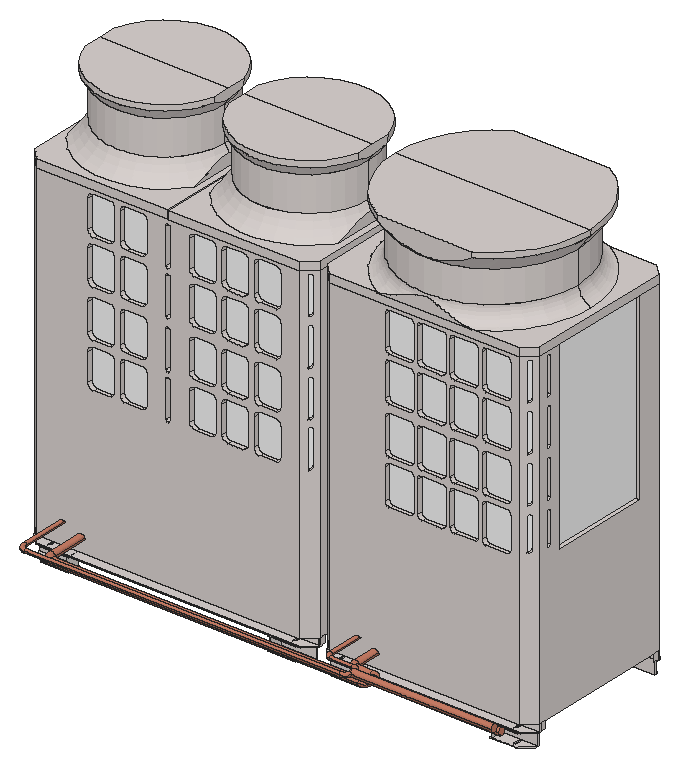
Revit family "PURY-EP650YSNW-A1", category 機械設備, Revit 2016 (continued)
Definition of nested family "PURY-EP350YNW-A1"
  Lines and regions (mm)
    model lines
      curve 105: circle (413, -370, 185) r 13.5 normal (0, -1, 0)
      curve 106: line (352, -370, 223) -> (550, -370, 223)
      curve 107: line (342, -370, 213) -> (342, -370, 95)
      curve 108: arc (342, -370, 213) -> (344.929, -370, 220.071) -> (352, -370, 223) r 10
      curve 109: line (-147.25, 370, 479) -> (-427.25, 370, 479)
      curve 110: line (-427.25, 370, 459) -> (-147.25, 370, 459)
      curve 111: arc (-137.25, 370, 469) -> (-140.179, 370, 476.071) -> (-147.25, 370, 479) r 10
      curve 112: arc (-147.25, 370, 459) -> (-140.179, 370, 461.929) -> (-137.25, 370, 469) r 10
      curve 113: arc (-427.25, 370, 479) -> (-434.321, 370, 476.071) -> (-437.25, 370, 469) r 10
      curve 114: arc (-437.25, 370, 469) -> (-434.321, 370, 461.929) -> (-427.25, 370, 459) r 10
      curve 115: line (-147.25, 370, 374) -> (-427.25, 370, 374)
      curve 116: line (-427.25, 370, 354) -> (-147.25, 370, 354)
      curve 117: arc (-137.25, 370, 364) -> (-140.179, 370, 371.071) -> (-147.25, 370, 374) r 10
      curve 118: arc (-147.25, 370, 354) -> (-140.179, 370, 356.929) -> (-137.25, 370, 364) r 10
      curve 119: arc (-427.25, 370, 374) -> (-434.321, 370, 371.071) -> (-437.25, 370, 364) r 10
      curve 120: arc (-437.25, 370, 364) -> (-434.321, 370, 356.929) -> (-427.25, 370, 354) r 10
      curve 121: line (-147.25, 370, 269) -> (-427.25, 370, 269)
      curve 122: line (-427.25, 370, 249) -> (-147.25, 370, 249)
      curve 123: arc (-137.25, 370, 259) -> (-140.179, 370, 266.071) -> (-147.25, 370, 269) r 10
      curve 124: arc (-147.25, 370, 249) -> (-140.179, 370, 251.929) -> (-137.25, 370, 259) r 10
      curve 125: arc (-427.25, 370, 269) -> (-434.321, 370, 266.071) -> (-437.25, 370, 259) r 10
      curve 126: arc (-437.25, 370, 259) -> (-434.321, 370, 251.929) -> (-427.25, 370, 249) r 10
      curve 127: line (399.5, 370, 584) -> (119.5, 370, 584)
      curve 128: line (119.5, 370, 564) -> (399.5, 370, 564)
      curve 129: arc (409.5, 370, 574) -> (406.571, 370, 581.071) -> (399.5, 370, 584) r 10
      curve 130: arc (399.5, 370, 564) -> (406.571, 370, 566.929) -> (409.5, 370, 574) r 10
      curve 131: arc (119.5, 370, 584) -> (112.429, 370, 581.071) -> (109.5, 370, 574) r 10
      curve 132: arc (109.5, 370, 574) -> (112.429, 370, 566.929) -> (119.5, 370, 564) r 10
      curve 133: line (399.5, 370, 479) -> (119.5, 370, 479)
      curve 134: line (119.5, 370, 459) -> (399.5, 370, 459)
      curve 135: arc (409.5, 370, 469) -> (406.571, 370, 476.071) -> (399.5, 370, 479) r 10
      curve 136: arc (399.5, 370, 459) -> (406.571, 370, 461.929) -> (409.5, 370, 469) r 10
      curve 137: arc (119.5, 370, 479) -> (112.429, 370, 476.071) -> (109.5, 370, 469) r 10
      curve 138: arc (109.5, 370, 469) -> (112.429, 370, 461.929) -> (119.5, 370, 459) r 10
      curve 139: line (399.5, 370, 374) -> (119.5, 370, 374)
      curve 140: line (119.5, 370, 354) -> (399.5, 370, 354)
      curve 141: arc (409.5, 370, 364) -> (406.571, 370, 371.071) -> (399.5, 370, 374) r 10
      curve 142: arc (399.5, 370, 354) -> (406.571, 370, 356.929) -> (409.5, 370, 364) r 10
      curve 143: arc (119.5, 370, 374) -> (112.429, 370, 371.071) -> (109.5, 370, 364) r 10
      curve 144: arc (109.5, 370, 364) -> (112.429, 370, 356.929) -> (119.5, 370, 354) r 10
      curve 145: line (399.5, 370, 269) -> (119.5, 370, 269)
      curve 146: line (119.5, 370, 249) -> (399.5, 370, 249)
      curve 147: arc (409.5, 370, 259) -> (406.571, 370, 266.071) -> (399.5, 370, 269) r 10
      curve 148: arc (399.5, 370, 249) -> (406.571, 370, 251.929) -> (409.5, 370, 259) r 10
      curve 149: arc (119.5, 370, 269) -> (112.429, 370, 266.071) -> (109.5, 370, 259) r 10
      curve 150: arc (109.5, 370, 259) -> (112.429, 370, 251.929) -> (119.5, 370, 249) r 10
      curve 151: line (399.5, -370, 584) -> (119.5, -370, 584)
      curve 152: line (119.5, -370, 564) -> (399.5, -370, 564)
      curve 153: arc (409.5, -370, 574) -> (406.571, -370, 581.071) -> (399.5, -370, 584) r 10
      curve 154: arc (399.5, -370, 564) -> (406.571, -370, 566.929) -> (409.5, -370, 574) r 10
      curve 155: arc (119.5, -370, 584) -> (112.429, -370, 581.071) -> (109.5, -370, 574) r 10
      curve 156: arc (109.5, -370, 574) -> (112.429, -370, 566.929) -> (119.5, -370, 564) r 10
      curve 157: line (399.5, -370, 479) -> (119.5, -370, 479)
      curve 158: line (119.5, -370, 459) -> (399.5, -370, 459)
      curve 159: arc (409.5, -370, 469) -> (406.571, -370, 476.071) -> (399.5, -370, 479) r 10
      curve 160: arc (399.5, -370, 459) -> (406.571, -370, 461.929) -> (409.5, -370, 469) r 10
      curve 161: arc (119.5, -370, 479) -> (112.429, -370, 476.071) -> (109.5, -370, 469) r 10
      curve 162: arc (109.5, -370, 469) -> (112.429, -370, 461.929) -> (119.5, -370, 459) r 10
      curve 163: line (399.5, -370, 374) -> (119.5, -370, 374)
      curve 164: line (119.5, -370, 354) -> (399.5, -370, 354)
      curve 165: arc (409.5, -370, 364) -> (406.571, -370, 371.071) -> (399.5, -370, 374) r 10
      curve 166: arc (399.5, -370, 354) -> (406.571, -370, 356.929) -> (409.5, -370, 364) r 10
      curve 167: arc (119.5, -370, 374) -> (112.429, -370, 371.071) -> (109.5, -370, 364) r 10
      curve 168: arc (109.5, -370, 364) -> (112.429, -370, 356.929) -> (119.5, -370, 354) r 10
      curve 169: arc (119.5, -370, 269) -> (112.429, -370, 266.071) -> (109.5, -370, 259) r 10
      curve 170: arc (109.5, -370, 259) -> (112.429, -370, 251.929) -> (119.5, -370, 249) r 10
      curve 171: line (-147.25, -370, 584) -> (-427.25, -370, 584)
      curve 172: line (-427.25, -370, 564) -> (-147.25, -370, 564)
      curve 173: arc (-137.25, -370, 574) -> (-140.179, -370, 581.071) -> (-147.25, -370, 584) r 10
      curve 174: arc (-147.25, -370, 564) -> (-140.179, -370, 566.929) -> (-137.25, -370, 574) r 10
      curve 175: arc (-427.25, -370, 584) -> (-434.321, -370, 581.071) -> (-437.25, -370, 574) r 10
      curve 176: arc (-437.25, -370, 574) -> (-434.321, -370, 566.929) -> (-427.25, -370, 564) r 10
      curve 177: line (-147.25, -370, 479) -> (-427.25, -370, 479)
      curve 178: line (-427.25, -370, 459) -> (-147.25, -370, 459)
      curve 179: arc (-137.25, -370, 469) -> (-140.179, -370, 476.071) -> (-147.25, -370, 479) r 10
      curve 180: arc (-147.25, -370, 459) -> (-140.179, -370, 461.929) -> (-137.25, -370, 469) r 10
      curve 181: arc (-427.25, -370, 479) -> (-434.321, -370, 476.071) -> (-437.25, -370, 469) r 10
      curve 182: arc (-437.25, -370, 469) -> (-434.321, -370, 461.929) -> (-427.25, -370, 459) r 10
      curve 183: line (-147.25, -370, 374) -> (-427.25, -370, 374)
      curve 184: line (-427.25, -370, 354) -> (-147.25, -370, 354)
      curve 185: arc (-137.25, -370, 364) -> (-140.179, -370, 371.071) -> (-147.25, -370, 374) r 10
      curve 186: arc (-147.25, -370, 354) -> (-140.179, -370, 356.929) -> (-137.25, -370, 364) r 10
      curve 187: arc (-427.25, -370, 374) -> (-434.321, -370, 371.071) -> (-437.25, -370, 364) r 10
      curve 188: arc (-437.25, -370, 364) -> (-434.321, -370, 356.929) -> (-427.25, -370, 354) r 10
      curve 189: line (-147.25, -370, 269) -> (-262.25, -370, 269)
      curve 190: line (-262.25, -370, 249) -> (-147.25, -370, 249)
      curve 191: arc (-137.25, -370, 259) -> (-140.179, -370, 266.071) -> (-147.25, -370, 269) r 10
      curve 192: arc (-147.25, -370, 249) -> (-140.179, -370, 251.929) -> (-137.25, -370, 259) r 10
      curve 193: arc (-262.25, -370, 269) -> (-269.321, -370, 266.071) -> (-272.25, -370, 259) r 10
      curve 194: arc (-272.25, -370, 259) -> (-269.321, -370, 251.929) -> (-262.25, -370, 249) r 10
      curve 195: line (234.5, -370, 269) -> (119.5, -370, 269)
      curve 196: line (119.5, -370, 249) -> (234.5, -370, 249)
      curve 197: arc (244.5, -370, 259) -> (241.571, -370, 266.071) -> (234.5, -370, 269) r 10
      curve 198: arc (234.5, -370, 249) -> (241.571, -370, 251.929) -> (244.5, -370, 259) r 10
  Dimensions and locks
    nested 2 to nested 2 = 303.000 mm
    cut or joined group 1 (Extrusion 1, Extrusion 2, Extrusion 3, Extrusion 4, Extrusion 5, Extrusion 6, Extrusion 7, Extrusion 8, Extrusion 9, Extrusion 10, Extrusion 11, Extrusion 12, Extrusion 13, Extrusion 14, Extrusion 15, Extrusion 16, Extrusion 17, Extrusion 18, Extrusion 19, Extrusion 20, Extrusion 21, Extrusion 22, Extrusion 23, Extrusion 24, Extrusion 25, Extrusion 26, Extrusion 27, Extrusion 28, Extrusion 29, Extrusion 30, Extrusion 31, Extrusion 32, Extrusion 33) to cut or joined group 1 = 1240.000 mm
    Extrusion 2 sketch curve to Extrusion 2 sketch curve = 116.800 mm
    Extrusion 2 sketch curve to Extrusion 2 sketch curve = 170.800 mm
    Extrusion 3 sketch curve to Extrusion 3 sketch curve = 116.800 mm
    Extrusion 3 sketch curve to Extrusion 3 sketch curve = 170.800 mm
    Extrusion 4 sketch curve to Extrusion 4 sketch curve = 116.800 mm
    Extrusion 4 sketch curve to Extrusion 4 sketch curve = 170.800 mm
    Extrusion 5 sketch curve to Extrusion 5 sketch curve = 116.800 mm
    Extrusion 5 sketch curve to Extrusion 5 sketch curve = 170.800 mm
    Extrusion 6 sketch curve to Extrusion 6 sketch curve = 116.800 mm
    Extrusion 6 sketch curve to Extrusion 6 sketch curve = 170.800 mm
    Extrusion 7 sketch curve to Extrusion 7 sketch curve = 116.800 mm
    Extrusion 7 sketch curve to Extrusion 7 sketch curve = 170.800 mm
    Extrusion 8 sketch curve to Extrusion 8 sketch curve = 116.800 mm
    Extrusion 8 sketch curve to Extrusion 8 sketch curve = 170.800 mm
    Extrusion 9 sketch curve to Extrusion 9 sketch curve = 116.800 mm
    Extrusion 9 sketch curve to Extrusion 9 sketch curve = 170.800 mm
    cut or joined group 1 to cut or joined group 1 = 50.000 mm  (x2)
    Extrusion 10 sketch curve to Extrusion 10 sketch curve = 116.800 mm
    Extrusion 10 sketch curve to Extrusion 10 sketch curve = 170.800 mm
    Extrusion 11 sketch curve to Extrusion 11 sketch curve = 116.800 mm
    Extrusion 11 sketch curve to Extrusion 11 sketch curve = 170.800 mm
    Extrusion 12 sketch curve to Extrusion 12 sketch curve = 116.800 mm
    Extrusion 12 sketch curve to Extrusion 12 sketch curve = 170.800 mm
    Extrusion 13 sketch curve to Extrusion 13 sketch curve = 116.800 mm
    Extrusion 13 sketch curve to Extrusion 13 sketch curve = 170.800 mm
    Extrusion 14 sketch curve to Extrusion 14 sketch curve = 116.800 mm
    Extrusion 14 sketch curve to Extrusion 14 sketch curve = 170.800 mm
    Extrusion 15 sketch curve to Extrusion 15 sketch curve = 116.800 mm
    Extrusion 15 sketch curve to Extrusion 15 sketch curve = 170.800 mm
    Extrusion 16 sketch curve to Extrusion 16 sketch curve = 116.800 mm
    Extrusion 16 sketch curve to Extrusion 16 sketch curve = 170.800 mm
    Extrusion 17 sketch curve to Extrusion 17 sketch curve = 116.800 mm
    Extrusion 17 sketch curve to Extrusion 17 sketch curve = 170.800 mm
    Extrusion 18 sketch curve to Extrusion 18 sketch curve = 116.800 mm
    Extrusion 18 sketch curve to Extrusion 18 sketch curve = 170.800 mm
    Extrusion 19 sketch curve to Extrusion 19 sketch curve = 116.800 mm
    Extrusion 19 sketch curve to Extrusion 19 sketch curve = 170.800 mm
    Extrusion 20 sketch curve to Extrusion 20 sketch curve = 116.800 mm
    Extrusion 20 sketch curve to Extrusion 20 sketch curve = 170.800 mm
    Extrusion 21 sketch curve to Extrusion 21 sketch curve = 116.800 mm
    Extrusion 21 sketch curve to Extrusion 21 sketch curve = 170.800 mm
    plane 3 "Center (Left/Right)" to cut or joined group 1 = 620.000 mm
    cut or joined group 1 to plane 3 "Center (Left/Right)" = 620.000 mm
    Extrusion 1 sketch curve to Extrusion 1 sketch curve = 1240.000 mm
    cut or joined group 1 to plane 8 = 185.000 mm
    cut or joined group 1 to plane 7 = 166.000 mm
    cut or joined group 1 to plane 6 = 110.000 mm
    cut or joined group 1 to plane 12 to cut or joined group 1 = 805.000 mm, 621.000 mm
    plane 5 to plane 2 = 1858.000 mm  (x2)
    cut or joined group 1 to plane 19 "132" = 132.000 mm
    cut or joined group 1 to plane 22 = 207.000 mm
    cut or joined group 1 to plane 23 = 256.000 mm
    cut or joined group 1 to plane 6 = 60.000 mm
    cut or joined group 1 to cut or joined group 1 = 42.154 mm
    cut or joined group 1 to cut or joined group 1 = 11.895 mm
    nested 1 to nested 3 to level = 1798.000 mm, 60.000 mm
    nested 1 to nested 1 = 303.000 mm
    nested 1 to nested 3 = 1495.000 mm
    nested 8 to nested 8 to nested 8 to nested 7 to nested 7 to nested 7 = 54.000 mm, 20.000 mm, 592.000 mm, 20.000 mm, 54.000 mm
    nested 3 to nested 3 = 56.000 mm
    plane 11 to plane 31 to plane 32 to cut or joined group 1 = 90.000 mm, 1060.000 mm, 90.000 mm
    curve 103 to nested 7 = 90.000 mm
    curve 104 to nested 7 = 125.000 mm
    curve 101 to nested 7 = 100.000 mm
    curve 11 to curve 13 to nested 7 = 84.000 mm, 71.000 mm
    cut or joined group 1 to curve 12 to curve 14 = 125.000 mm, 148.000 mm
    nested 2 to nested 7 = 1495.000 mm
    curve 87 to cut or joined group 1 = 152.000 mm
    curve 88 to cut or joined group 1 = 172.000 mm
    curve 89 to cut or joined group 1 = 216.000 mm
    cut or joined group 1 to curve 4 to curve 2 = 128.000 mm, 150.000 mm
    cut or joined group 1 to curve 1 to curve 3 = 79.000 mm, 94.000 mm
    Extrusion 32 sketch curve to nested 7 = 116.000 mm
    cut or joined group 1 to Extrusion 32 sketch curve = 160.000 mm
    cut or joined group 1 to Extrusion 33 sketch curve = 243.000 mm
    Extrusion 33 sketch curve to nested 7 = 116.000 mm
    aligned and locked: level to plane 2
    aligned and locked: Extrusion 1 to plane 4
  Nested families
    nested 1: "FAN GUARD" at (-311.5, 2, 860), type "FAN GUARD"
      with WIDTH 870.000 mm
    nested 2: "FAN GUARD" at (311.5, 2, 860) x (-1, 0, 0) z (0, 0, 1), type "FAN GUARD"
      with WIDTH 870.000 mm
    nested 3: "ATTACHMENT LEG" at (-524, -349, 0), type "ATTACHMENT LEG"
    nested 4: "ATTACHMENT LEG" at (-524, 349, 0), type "ATTACHMENT LEG"
    nested 5: "ATTACHMENT LEG" at (524, -349, 0) x (-1, 0, 0) z (0, 0, 1), type "ATTACHMENT LEG"
    nested 6: "ATTACHMENT LEG" at (524, 349, 0) x (-1, 0, 0) z (0, 0, 1), type "ATTACHMENT LEG"
    nested 7: "BASE LEG_L_" at (0, -352, 60), type "BASE LEG_L_"
      with Width 1240.000 mm
    nested 8: "BASE LEG_L_" at (0, 352, 60), type "BASE LEG_L_"
      with Width 1240.000 mm
  Connectors
    piping at (-460, -191, 176), diameter 25.4, driven by "Liquid pipe_radius"
      settings: on cut or joined group 1, index 3, connector inside diameter 25.4 mm, connector length 0.000 mm, flow factor 0, pipe flow 0.0 L/s, pressure drop 0.0 Pa, fitting loss kfactor 0, connector angle 0.00°, fixture units 0, engagement length 0.000 mm, angle of deflection 0.00°, flow configuration 0, flow direction 0, fitting loss method 0, system type 22, joint type 0, gender type 0, connector reference index -1, connector utility 0, adjustable connector no, is connector primary yes, connector description "Refrigerant service valve<Liquid pipe>"
    piping at (-377, -191, 176), diameter 28.58, driven by "Gas pipe_radius"
      settings: on cut or joined group 1, index 4, connector inside diameter 28.58 mm, connector length 0.000 mm, flow factor 0, pipe flow 0.0 L/s, pressure drop 0.0 Pa, fitting loss kfactor 0, connector angle 0.00°, fixture units 0, engagement length 0.000 mm, angle of deflection 0.00°, flow configuration 0, flow direction 0, fitting loss method 0, system type 22, joint type 0, gender type 0, connector reference index -1, connector utility 0, adjustable connector no, is connector primary no, connector description "Refrigerant service valve<Gas>"
    electrical at (0, -370, 808)
      settings: on cut or joined group 1, index 5, voltage 0 V, apparent load 0 VA, apparent load phase1 0 VA, apparent load phase2 0 VA, apparent load phase3 0 VA, power factor 1, load classification none, number of poles 1, system type 30, power factor state 1, is connector primary yes, connector utility no, sub classification motor no, connector description ""
  Definition of nested family "FAN GUARD"
    Parameters
      WIDTH [instance] = 870.000 mm
    Reference planes
      plane 1 "中心(正面/背面)": y = -2
      plane 2: z = 0
      plane 3 "ファンガード基準面": z = 661
      plane 4: y = 368
      plane 5: x = 366
      plane 6: x = -375
      plane 7 "ファンガード基準上面": z = 695
      plane 8 "ファンガード上面": z = 998
      plane 9: x = -273.971
      plane 10: x = 308.5
      plane 11: x = -308.5
      plane 12: x = 0
    Forms (mm)
      Extrusion 1, solid
        sketch origin (85, 0, 661) x (-1, 0, 0) y (0, -1, 0)
          loop
            line (343.5, -368) -> (393.5, -318) -> (393.5, 322) -> (343.5, 372) -> (-223.5, 372) -> (-223.5, -368) -> (343.5, -368)
        from 0 to 34
      Revolve 2, solid
        sketch origin (0, -2, 0) x (1, 0, 0) y (0, 0, 1)
          loop
            line (0, 695) -> (0, 998) -> (-290, 998) -> (-290, 972.327) -> (-260, 928.372) -> (-260, 777.384)
            arc (-260, 777.384) -> (-290.651, 730.137) -> (-334.665, 695) r 175.882
            line (-334.665, 695) -> (0, 695)
          axis (0, 998) -> (0, 695)
        angle from 0 to 360
      Extrusion 3, void
        sketch origin (-840, 75, 695) x (-1, 0, 0) y (0, -1, 0)
          loop
            line (-410, -165) -> (-410, 315) -> (-561.253, 315) -> (-561.253, -165) -> (-410, -165)
        from -35 to 430.592
      Extrusion 4, void
        sketch origin (840, 75, 695) x (1, 0, 0) y (0, 1, 0)
          loop
            line (-410, 165) -> (-561.253, 165) -> (-561.253, -315) -> (-410, -315) -> (-410, 165)
        from 0 to 430.592
    Cuts and joins
      Extrusion 3, Extrusion 4 cuts Revolve 2
      Extrusion 4 cuts Extrusion 1
    Lines and regions (mm)
      model lines
        curve 1: line (-278.747, 0, 998) -> (-80, 0, 998)
        curve 2: line (80, 0, 998) -> (278.747, 0, 998)
        curve 3: circle (0, 0, 998) r 80 normal (0, 0, 1)
        curve 4: line (-278.747, -80, 998) -> (278.747, -80, 998)
        curve 5: line (-241.868, -160, 998) -> (241.868, -160, 998)
        curve 6: line (-162.788, -240, 998) -> (162.788, -240, 998)
        curve 7: line (-278.747, 80, 998) -> (278.747, 80, 998)
        curve 8: line (-241.868, 160, 998) -> (240, 160, 998)
        curve 9: line (-160, 240, 998) -> (162.788, 240, 998)
        curve 10: line (0, 290, 998) -> (0, -290, 998)
        curve 11: line (-20, 289.31, 998) -> (-20, -289.31, 998)
        curve 12: line (-40, 287.228, 998) -> (-40, -287.228, 998)
        curve 13: line (-60, 283.725, 998) -> (-60, -283.725, 998)
        curve 14: line (-80, 278.747, 998) -> (-80, -278.747, 998)
        curve 15: line (20, 289.31, 998) -> (20, -289.31, 998)
        curve 16: line (40, 287.228, 998) -> (40, -287.228, 998)
        curve 17: line (60, 283.725, 998) -> (60, -283.725, 998)
        curve 18: line (80, 278.747, 998) -> (80, -278.747, 998)
        curve 19: line (100, 272.213, 998) -> (100, -272.213, 998)
        curve 20: line (120, 264.008, 998) -> (120, -264.008, 998)
        curve 21: line (140, 253.969, 998) -> (140, -253.969, 998)
        curve 22: line (160, 241.868, 998) -> (160, -243.132, 998)
        curve 23: line (180, 227.376, 998) -> (180, -227.624, 998)
        curve 24: line (200, 210, 998) -> (200, -210, 998)
        curve 25: line (220, 188.944, 998) -> (220, -188.944, 998)
        curve 26: line (240, 160, 998) -> (240, -162.788, 998)
        curve 27: line (260, 128.452, 998) -> (260, -128.452, 998)
        curve 28: line (-100, 272.213, 998) -> (-100, -272.213, 998)
        curve 29: line (-120, 264.008, 998) -> (-120, -264.008, 998)
        curve 30: line (-140, 253.969, 998) -> (-140, -253.969, 998)
        curve 31: line (-160, 240, 998) -> (-160, -241.868, 998)
        curve 32: line (-180, 227.376, 998) -> (-180, -227.376, 998)
        curve 33: line (-200, 210, 998) -> (-200, -210, 998)
        curve 34: line (-220, 188.944, 998) -> (-220, -188.944, 998)
        curve 35: line (-240, 162.788, 998) -> (-240, -162.788, 998)
        curve 36: line (-260, 128.452, 998) -> (-260, -128.452, 998)
        curve 37: line (10, 79.373, 998) -> (10, -79.373, 998)
        curve 38: line (-10, 79.373, 998) -> (-10, -79.373, 998)
        curve 39: line (30, 74.162, 998) -> (30, -74.162, 998)
        curve 40: line (50, 62.45, 998) -> (50, -62.45, 998)
        curve 41: line (70, 38.73, 998) -> (70, -38.73, 998)
        curve 42: line (-30, 74.162, 998) -> (-30, -74.162, 998)
        curve 43: line (-50, 62.45, 998) -> (-50, -62.45, 998)
        curve 44: line (-70, 38.73, 998) -> (-70, -38.73, 998)
    Dimensions and locks
      locked: plane 8 "ファンガード上面" to plane 7 "ファンガード基準上面" at 303
      plane 8 "ファンガード上面" to plane 3 "ファンガード基準面" = 337.000 mm
      Revolve 2 sketch curve to Revolve 2 sketch curve = 290.000 mm
      Extrusion 1 sketch curve to Extrusion 1 sketch curve = 740.000 mm
      equal spacing: Extrusion 1 sketch curve, plane 1 "中心(正面/背面)", Extrusion 1 sketch curve
      plane 6 to plane 5 = 741.000 mm
      Extrusion 1 sketch curve to Extrusion 1 sketch curve = 617.000 mm
      plane 11 to plane 10 = 617.000 mm
      cut or joined group of Extrusion 1, Extrusion 4 to cut or joined group of Extrusion 1, Extrusion 4 = 617.000 mm
      cut or joined group of Extrusion 1, Extrusion 4 to cut or joined group of Extrusion 1, Extrusion 4 = 740.000 mm
      aligned and locked: level to plane 2
      aligned and locked: plane 7 "ファンガード基準上面" to Extrusion 1
      aligned and locked: plane 3 "ファンガード基準面" to Extrusion 1
      aligned and locked: cut or joined group of Revolve 2, Extrusion 3, Extrusion 4 to plane 8 "ファンガード上面"
  Definition of nested family "ATTACHMENT LEG"
    Parameters
      Width = 145.000 mm
    Reference planes
      plane 1: z = 0
      plane 2 "中心(左/右)": x = -6
      plane 3: x = -52
      plane 4: x = 85
      plane 5: x = 93
      plane 6: y = -21
      plane 7: y = 27
      plane 8: x = -30
      plane 9: y = 39
      plane 10: z = 60
      plane 11: z = 57
      plane 12: z = 3
      plane 13: x = 82
      plane 14: y = 36
      plane 15: x = -75
      plane 16: y = 31
      plane 17 "幅": x = 93
      plane 18: y = 2.5
      plane 19: y = 21
      plane 20: y = -10
    Forms (mm)
      Extrusion 1, solid
        sketch origin (0, -1, 0) x (1, 0, 0) y (0, 1, 0)
          loop
            line (-75, 36) -> (-75, 27) -> (-28, -20) -> (93, -20) -> (93, 32) -> (85, 32) -> (85, 36) -> (-75, 36)
        from 0 to 60
      Extrusion 2, void
        sketch origin (0, -3, 0) x (1, 0, 0) y (0, 0, 1)
          loop
            line (-75, 57) -> (-75, 3) -> (82, 3) -> (82, 57) -> (-75, 57)
          loop
            line (93, 57) -> (85, 57) -> (85, 3) -> (93, 3) -> (93, 57)
        from -35 to 18
      Extrusion 3, void
        sketch origin (-6, 5.5, 0) x (1, 0, 0) y (0, 1, 0)
          loop
            arc (-7, -8.5) -> (0, -15.5) -> (7, -8.5) r 7
            line (7, -8.5) -> (7, 8.5)
            arc (7, 8.5) -> (0, 15.5) -> (-7, 8.5) r 7
            line (-7, 8.5) -> (-7, -8.5)
        from 0 to 60
    Cuts and joins
      Extrusion 2, Extrusion 3 cuts Extrusion 1
    Dimensions and locks
      locked: plane 3 to plane 4 at 137
      locked: plane 3 to plane 5 at 145
      plane 6 to plane 7 = 48.000 mm
      locked: plane 10 to level at 60
      Extrusion 3 sketch curve to plane 2 "中心(左/右)" = 7.000 mm
      locked: plane 15 to plane 2 "中心(左/右)" at 69
      locked: plane 15 to plane 8 at 45
      locked: plane 6 to plane 18 at 23.5
      cut or joined group of Extrusion 1, Extrusion 2, Extrusion 3 to cut or joined group of Extrusion 1, Extrusion 2, Extrusion 3 = 168.000 mm
      cut or joined group of Extrusion 1, Extrusion 2, Extrusion 3 to cut or joined group of Extrusion 1, Extrusion 2, Extrusion 3 = 56.000 mm  (x2)
      plane 14 to plane 6 = 57.000 mm
      aligned and locked: level to plane 1
      aligned and locked: Extrusion 1 sketch curve to plane 4
      aligned and locked: Extrusion 1 sketch curve to plane 5
      aligned: plane 8 to Extrusion 1 sketch curve
      aligned and locked: plane 10 to Extrusion 1
      aligned and locked: Extrusion 2 sketch curve to plane 11
      aligned: plane 3 to Extrusion 2 sketch curve
      aligned and locked: plane 12 to Extrusion 2 sketch curve
      aligned and locked: Extrusion 2 sketch curve to plane 13
      aligned and locked: plane 6 to Extrusion 2
      aligned and locked: plane 11 to Extrusion 2 sketch curve
      aligned and locked: plane 5 to Extrusion 2 sketch curve
      aligned and locked: Extrusion 2 sketch curve to plane 12
      aligned and locked: Extrusion 2 sketch curve to plane 4
      aligned and locked: plane 15 to Extrusion 1 sketch curve
      aligned and locked: Extrusion 2 sketch curve to cut or joined group of Extrusion 1, Extrusion 2, Extrusion 3
      aligned and locked: Extrusion 1 to plane 16
  Definition of nested family "BASE LEG_L_"
    Parameters
      Width [instance] = 1240.000 mm
    Reference planes
      plane 1 "中心(正面/背面)": y = 0
      plane 2: z = 0
      plane 3 "中心(左/右)": x = 0
      plane 4: x = 620
      plane 5: x = -620
      plane 6: x = -530
      plane 7: x = 530
      plane 8: y = -18
      plane 9: y = 39
      plane 10: z = 53
      plane 11: y = 42
      plane 12: y = 27
      plane 13: x = 575
      plane 14: x = -575
      plane 15: z = 8
      plane 16: y = 11.5
      plane 17: z = 35
    Forms (mm)
      Extrusion 1, solid
        sketch origin (0, 0, 0) x (0, 1, 0) y (0, 0, 1)
          loop
            line (-18, 0) -> (36, 0) -> (36, 32) -> (56, 32) -> (56, 35) -> (33, 35) -> (33, 3) -> (-18, 3) -> (-18, 0)
        from -620 to 620
      Extrusion 2, void
        sketch origin (0, 0, 0) x (1, 0, 0) y (0, 1, 0)
          loop
            line (575, -18) -> (620, -18) -> (620, 27) -> (575, -18)
          loop
            line (-575, -18) -> (-620, 27) -> (-620, -18) -> (-575, -18)
        from 0 to 250
      Extrusion 3, void
        sketch origin (0, 12.023, 0) x (1, 0, 0) y (0, 1, 0)
          loop
            arc (523, -2.971) -> (530, -9.971) -> (537, -2.971) r 7
            line (537, -2.971) -> (537, 3.023)
            arc (537, 3.023) -> (530, 10.023) -> (523, 3.023) r 7
            line (523, 3.023) -> (523, -2.971)
          loop
            line (-523, -2.971) -> (-523, 3.023)
            arc (-523, 3.023) -> (-530, 10.023) -> (-537, 3.023) r 7
            line (-537, 3.023) -> (-537, -2.971)
            arc (-537, -2.971) -> (-530, -9.971) -> (-523, -2.971) r 7
        from 0 to 250
      Extrusion 4, solid
        sketch origin (0, 0, -3) x (1, 0, 0) y (0, 0, 1)
          loop
            line (617, 8) -> (620, 8) -> (620, 35) -> (617, 35) -> (617, 8)
          loop
            line (-617, 8) -> (-617, 35) -> (-620, 35) -> (-620, 8) -> (-617, 8)
        from -36 to -56
      Extrusion 5, solid
        sketch origin (150, 352, 0) x (1, 0, 0) y (0, 1, 0)
          loop
            line (460, -319) -> (455, -319) -> (455, -320) -> (405, -370) -> (410, -370) -> (460, -320) -> (460, -319)
        from 3 to 35
      Extrusion 6, void
        sketch origin (560, -18, 0) x (0.707107, 0.707107, 0) y (0, 0, 1)
          loop
            line (70.711, 3) -> (-6.741, 39.767) -> (-6.741, 3) -> (70.711, 3)
        from -190.256 to 23.776
      Extrusion 7, solid
        sketch origin (-150, 352, 0) x (-1, 0, 0) y (0, -1, 0)
          loop
            line (460, 319) -> (460, 320) -> (410, 370) -> (405, 370) -> (455, 320) -> (455, 319) -> (460, 319)
        from 3 to 35
      Extrusion 8, void
        sketch origin (-560, -18, 0) x (0.707107, -0.707107, 0) y (0, 0, -1)
          loop
            line (-70.711, -3) -> (0, -35) -> (6.741, -35) -> (6.741, -3) -> (-70.711, -3)
        from -190.256 to 23.776
    Cuts and joins
      Extrusion 2, Extrusion 3 cuts Extrusion 1
      joined: Extrusion 1, Extrusion 4
      Extrusion 8 cuts Extrusion 7
      Extrusion 6 cuts Extrusion 5
    Dimensions and locks
      "Width": plane 5 to plane 4
      equal spacing: plane 5, plane 3 "中心(左/右)", plane 4
      locked: plane 5 to plane 6 at 90
      locked: plane 7 to plane 4 at 90
      locked: plane 8 to plane 9 at 57
      locked: plane 10 to level at 53
      locked: plane 9 to plane 11 at 3
      plane 8 to plane 12 = 45.000 mm
      locked: plane 13 to plane 4 at 45
      locked: plane 5 to plane 14 at 45
      equal spacing: Extrusion 3 sketch curve, plane 7, Extrusion 3 sketch curve
      equal spacing: Extrusion 3 sketch curve, plane 6, Extrusion 3 sketch curve
      locked: plane 10 to plane 15 at 45
      locked: cut or joined group of Extrusion 1, Extrusion 2, Extrusion 3, Extrusion 4 to Extrusion 4 sketch curve at 3  (x2)
      locked: plane 8 to plane 16 at 29.5
      plane 8 to plane 11 = 60.000 mm
      cut or joined group of Extrusion 1, Extrusion 2, Extrusion 3, Extrusion 4 to cut or joined group of Extrusion 1, Extrusion 2, Extrusion 3, Extrusion 4 = 35.000 mm
      aligned and locked: level to plane 2
      aligned and locked: plane 8 to Extrusion 1 sketch curve
      aligned and locked: plane 4 to Extrusion 1
      aligned and locked: Extrusion 1 to plane 5
      aligned and locked: Extrusion 2 sketch curve to plane 4
      aligned and locked: Extrusion 2 sketch curve to plane 8
      aligned and locked: plane 12 to Extrusion 2 sketch curve
      aligned and locked: plane 13 to Extrusion 2 sketch curve
      aligned and locked: plane 4 to Extrusion 4 sketch curve
      aligned and locked: plane 5 to Extrusion 4 sketch curve
      aligned and locked: cut or joined group of Extrusion 7, Extrusion 8 to cut or joined group of Extrusion 1, Extrusion 2, Extrusion 3, Extrusion 4
    Automatic sketch dimensions
      Extrusion 3 sketch curve to plane 1 "中心(正面/背面)" = 9.052 mm  (x2)
      Extrusion 3 sketch curve to plane 7 = 7.000 mm
      Extrusion 3 sketch curve to plane 1 "中心(正面/背面)" = 15.046 mm  (x2)
      Extrusion 3 sketch curve to plane 6 = 7.000 mm
      Extrusion 2 sketch curve to plane 5 = 0.000 mm
      plane 8 to Extrusion 2 sketch curve = 0.000 mm
      Extrusion 2 sketch curve to plane 14 = 0.000 mm
      plane 12 to Extrusion 2 sketch curve = 0.000 mm
      Extrusion 4 sketch curve to plane 10 = 21.000 mm
      plane 7 to Extrusion 5 sketch curve = 25.000 mm
      Extrusion 5 sketch curve to Extrusion 5 sketch curve = 5.000 mm  (x2)
      plane 7 to Extrusion 5 sketch curve = 75.000 mm
      plane 8 to Extrusion 5 sketch curve = 0.000 mm
      Extrusion 5 sketch curve to Extrusion 5 sketch curve = 50.000 mm
      Extrusion 5 sketch curve to Extrusion 5 sketch curve = 0.000 mm
      Extrusion 5 sketch curve to Extrusion 5 sketch curve = 1.000 mm
      Extrusion 6 sketch curve to Extrusion 5 = 0.000 mm  (x2)
      Extrusion 6 sketch curve to Extrusion 5 = 6.741 mm
      Extrusion 6 sketch curve to Extrusion 5 = 4.767 mm
      plane 6 to Extrusion 7 sketch curve = 25.000 mm
      Extrusion 7 sketch curve to Extrusion 7 sketch curve = 5.000 mm  (x2)
      Extrusion 7 sketch curve to Extrusion 7 sketch curve = 45.000 mm
      Extrusion 7 sketch curve to plane 8 = 0.000 mm
      Extrusion 7 sketch curve to Extrusion 7 sketch curve = 50.000 mm
      Extrusion 7 sketch curve to Extrusion 7 sketch curve = 0.000 mm
      Extrusion 7 sketch curve to Extrusion 7 sketch curve = 1.000 mm
      Extrusion 8 sketch curve to Extrusion 7 = 0.000 mm  (x2)
      Extrusion 7 to Extrusion 8 sketch curve = 0.000 mm  (x2)
      Extrusion 7 to Extrusion 8 sketch curve = 6.741 mm
      Extrusion 4 sketch curve to plane 17 = 3.000 mm
      Extrusion 4 sketch curve to plane 15 = 3.000 mm  (x2)
      Extrusion 1 sketch curve to plane 17 = 0.000 mm
      Extrusion 1 sketch curve to level = 0.000 mm
      level to Extrusion 1 sketch curve = 3.000 mm
      plane 9 to Extrusion 1 sketch curve = 6.000 mm
      plane 9 to Extrusion 1 sketch curve = 3.000 mm
      Extrusion 1 sketch curve to plane 17 = 3.000 mm
      Extrusion 1 sketch curve to plane 11 = 14.000 mm
Types (6, lengths in mm): name | Voltage | InstallationDate | Hertz | Heating Rated Load Ampacity (A) | Heating Current Input (Nominal) (A) | Heating Current Input (A) | Equip_description | Equip_ID | Description | CreatedOn | CreatedBy | Cooling Rated Load Ampacity (A) | Cooling Current Input (A) | Category | Barcode | AssetIdentifier
  PURY-EP650YSNW-A1_380V_50Hz | 380 V | "" | 50 Hz | 35.4 | 29.8 | 35.4 | "" | "" | "" | "" | "" | 31.3 | 31.3 | "" | "" | ""
  PURY-EP650YSNW-A1_380V_60Hz | 380 V | "0" | 60 Hz | 35.4 | 29.8 | 35.4 | "0" | "0" | "0" | "0" | "0" | 31.3 | 31.3 | "0" | "0" | "0"
  PURY-EP650YSNW-A1_400V_50Hz | 400 V | "0" | 50 Hz | 33.6 | 28.3 | 33.6 | "0" | "0" | "0" | "0" | "0" | 29.7 | 29.7 | "0" | "0" | "0"
  PURY-EP650YSNW-A1_400V_60Hz | 400 V | "0" | 60 Hz | 33.6 | 28.3 | 33.6 | "0" | "0" | "0" | "0" | "0" | 29.7 | 29.7 | "0" | "0" | "0"
  PURY-EP650YSNW-A1_415V_50Hz | 415 V | "0" | 50 Hz | 32.4 | 27.3 | 32.4 | "0" | "0" | "0" | "0" | "0" | 28.7 | 28.7 | "0" | "0" | "0"
  PURY-EP650YSNW-A1_415V_60Hz | 415 V | "0" | 60 Hz | 32.4 | 27.3 | 32.4 | "0" | "0" | "0" | "0" | "0" | 28.7 | 28.7 | "0" | "0" | "0"
